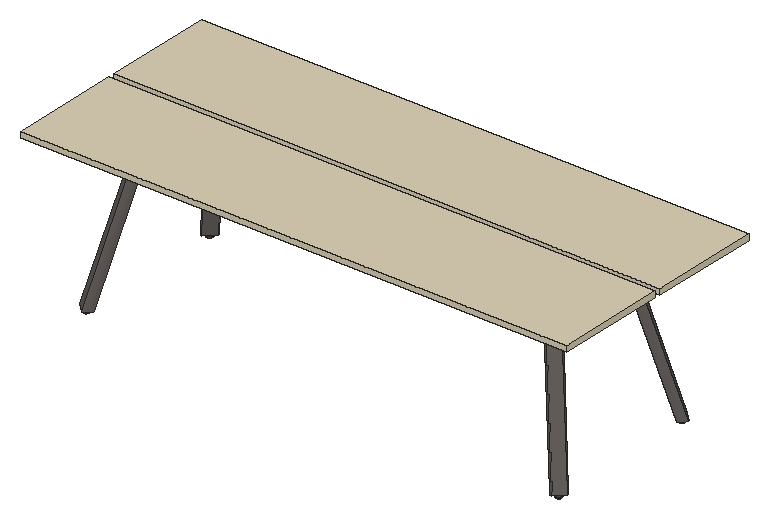
Revit family "Table-Teknion-NFTT_Wood_Table_Rectangular-R2020", category Furniture, Revit 2020
Family settings
  OmniClass Number = 23.40.20.00
  OmniClass Title = General Furniture and Specialties
  Work Plane-Based = No
  Always vertical = Yes
  Cut with Voids When Loaded = No
  Shared = Yes
  Room Calculation Point = No
Parameters (values of type "Split Two Piece Top")
  Worksurface Finish = Veneer - Teknion - MP - Natural Maple
  Width [instance] = 96.000"
  Warranty = "http://www.teknion.com/ca/papers/legal-canada"
  Unit Weight URL = "http://www.teknion.com/ca/tools/assets#&asset=bee6a381-b954-425e-8283-5a2de3a804f2,f828d448-4b62-4231-9e5f-9a8991c0ed77"
  URL = "www.teknion.com"
  Sustainability Data = "https://www.teknion.com/ca/tools/assets#&topic=216f99a5-57a0-44fc-b10a-9dee9b29ae4c&asset=444deb64-fe58-4b68-981e-f75e97781df7,b4ff2d81-9f2e-437d-9659-7cffb09c31cf"
  Support Distance [instance] = if(Width = 96.000", 18.409", if(Width = 84.000", 15.409", if(Width = 72.000", 7.500", 7.500")))  # 18.409"
  Standard Top = no
  Right Support [instance] = or([2 Support], [3 Support])  # yes
  Leg Wood Finish = Veneer - Teknion - WX - Empress Walnut
  Left Support [instance] = or([2 Support], [3 Support])  # yes
  Hardware Finish = Seamless Paint - Teknion - 25 - Crisp Grey
  Hardware Distance [instance] = if(Width = 96.000", 16.339", if(Width = 84.000", 17.454", if(Width = 72.000", 17.454", if(Width = 60.000", 17.225", 17.225"))))  # 16.339"
  Frame Finish = Veneer - Teknion - WX - Empress Walnut
  Foot Finish = Paint - Teknion - 52 - Ebony
  Electrical Finish = Paint-Teknion-23-Z-Foundation-Foundry Onyx
  Description = "Wood Table - Rectangular, Split Two Piece Top, 29\" Height, 40\" Depth"
  Center Support [instance] = or([1 Support], [3 Support])  # yes
  Bracket Finish = Seamless Paint - Teknion - 25 - Crisp Grey
  Available Width [instance] = "60, 72, 84 and 96 inches"  # constant formula
  3 Support [instance] = and(Split Two Piece Top, Width > 80.000")  # yes
  2 Support [instance] = and(Split Two Piece Top, Width = 72.000")  # no
  1 Support [instance] = and(Split Two Piece Top, Width = 60.000")  # no
  Split Two Piece Top = yes
  Series = "North 56"  # constant formula
  Product Page URL = "https://www.teknion.com/ca/products/product-details?productLineId=0ca9376f-8e7a-673b-a6c8-ff05004460c4"
  Product Line = "North 56"  # constant formula
  Product Documentation Link = ""
  Part Number = "NFTT"  # constant formula
  Model = "NFTTT2940_"
  Manufacturer Phone = "416-661-3370"  # constant formula
  Manufacturer Fax = "416.661.4586"  # constant formula
  Manufacturer Contact Information = "http://www.teknion.com/ca/contactus"
  Manufacturer Address = "1150 Flint Road, Toronto, ON. M3J 2J5. Canada"  # constant formula
  Manufacturer = "Teknion"  # constant formula
  Default Elevation = 0.000"
  Assembly Code = "E2020200"
Reference planes (in)
  plane 1 "Center Front/Back": y = 0
  plane 2: z = 0
  plane 3 "Center Left/Right": x = 0
  plane 4 "Left": x = -48
  plane 5 "Right": x = 48
  plane 6 "Back": y = 20
  plane 7 "Front": y = -20
  plane 8 "Top": z = 29
  plane 9: z = 28
  plane 10: z = 0.66929
  plane 11: x = -18.909
  plane 12: x = -17.909
  plane 13: x = -18.409
  plane 14: x = -0.5
  plane 15: x = 0.5
  plane 16: x = 17.909
  plane 17: x = 18.909
  plane 18: x = 18.409
  plane 19: y = -0.5
  plane 20: y = 0.5
  plane 21: y = 13.5
Forms (in)
  Sweep 1, solid, material "Veneer - Teknion - MP - Natural Maple" <- "Worksurface Finish", visible <- "Split Two Piece Top"
    path origin (0, 0, 0) x (1, 0, 0) y (0, 0, 1)
      loop
        line (0, 29) -> (0, 28)
    profile origin (0, 0, 28.5) x (0, -1, 0) y (1, 0, 0)
      loop
        line (0.5, -48) -> (20, -48) -> (20, 48) -> (0.5, 48) -> (0.5, -48)
      loop
        line (-20, -48) -> (-0.5, -48) -> (-0.5, 48) -> (-20, 48) -> (-20, -48)
  Sweep 2, solid, material "Veneer - Teknion - WX - Empress Walnut" <- "Frame Finish"
    path origin (-62.44462, -180, 28) x (-1, 0, 0) y (0, -1, 0)
      loop
        line (-96.92369, -187.25309) -> (-27.96556, -187.25309) -> (-27.19154, -186.47907) -> (-27.19154, -173.52094) -> (-27.96556, -172.74691) -> (-96.92369, -172.74691) -> (-97.69771, -173.52093) -> (-97.69771, -186.47907) -> (-96.92369, -187.25309)
    profile origin (0, 7.25309, 28) x (0, -1, 0) y (0, 0, 1)
      loop
        line (0, 0) -> (-1.0231, 0) -> (-1.81282, -3.65301)
        arc (-1.81282, -3.65301) -> (-1.63797, -4.07514) -> (-1.21583, -4.25) r 0.59699
        line (-1.21583, -4.25) -> (-0.91878, -4.25) -> (0, 0)
  Sweep 3, solid, material "Seamless Paint - Teknion - 25 - Crisp Grey" <- "Bracket Finish", visible <- "Left Support"
    path origin (-62.44462, -180, 28) x (-1, 0, 0) y (0, -1, 0)
      loop
        line (-43.53562, -180) -> (-44.53562, -180)
    profile origin (-18.409, 0, 28) x (0, 1, 0) y (0, 0, 1)
      loop
        line (-7.25309, 0) -> (-7.84759, -2.75) -> (7.84759, -2.75) -> (7.25309, 0) -> (-7.25309, 0)
  Sweep 4, solid, material "Seamless Paint - Teknion - 25 - Crisp Grey" <- "Bracket Finish", visible <- "Center Support"
    path origin (-62.44462, -180, 28) x (-1, 0, 0) y (0, -1, 0)
      loop
        line (-61.94462, -180) -> (-62.94462, -180)
    profile origin (0, 0, 28) x (0, 1, 0) y (0, 0, 1)
      loop
        line (-7.84759, -2.75) -> (7.84759, -2.75) -> (7.25309, 0) -> (-7.25309, 0) -> (-7.84759, -2.75)
  Sweep 5, solid, material "Seamless Paint - Teknion - 25 - Crisp Grey" <- "Bracket Finish", visible <- "Right Support"
    path origin (-62.44462, -180, 28) x (-1, 0, 0) y (0, -1, 0)
      loop
        line (-80.35362, -180) -> (-81.35362, -180)
    profile origin (18.409, 0, 28) x (0, 1, 0) y (0, 0, 1)
      loop
        line (-7.84759, -2.75) -> (7.84759, -2.75) -> (7.25309, 0) -> (-7.25309, 0) -> (-7.84759, -2.75)
  Sweep 6, solid, material "Seamless Paint - Teknion - 25 - Crisp Grey" <- "Bracket Finish", visible <- "Split Two Piece Top"
    path origin (-62.44462, -180, 28) x (-1, 0, 0) y (0, -1, 0)
      loop
        line (-62.44462, -183.625) -> (-62.44462, -176.375)
    profile origin (0, 0, 28) x (1, 0, 0) y (0, 0, 1)
      loop
        line (35.25308, 0) -> (34.12808, 0) -> (34.12808, -0.12) -> (35.15626, -0.12) -> (35.70367, -2.65217) -> (35.82096, -2.62682) -> (35.25308, 0)
      loop
        line (-35.25308, 0) -> (-35.82096, -2.62682) -> (-35.70367, -2.65217) -> (-35.15626, -0.12) -> (-34.12808, -0.12) -> (-34.12808, 0) -> (-35.25308, 0)
  Sweep 7, void
    path origin (0, 0, 0) x (1, 0, 0) y (0, 0, 1)
      loop
        line (0, 27.5) -> (0, 28)
    profile origin (0, 0, 27.75) x (-1, 0, 0) y (0, -1, 0)
      loop
        line (35.25308, 0.5625) -> (34.12808, 0.5625) -> (34.12808, -0.5625) -> (35.25308, -0.5625) -> (35.25308, 0.5625)
      loop
        line (-34.12808, -0.5625) -> (-34.12808, 0.5625) -> (-35.25308, 0.5625) -> (-35.25308, -0.5625) -> (-34.12808, -0.5625)
  Sweep 8, solid, material "Veneer - Teknion - MP - Natural Maple" <- "Worksurface Finish", visible <- "Standard Top"
    path origin (0, 0, 0) x (1, 0, 0) y (0, 0, 1)
      loop
        line (0, 28) -> (0, 29)
    profile origin (0, 0, 28.5) x (-1, 0, 0) y (0, -1, 0)
      loop
        line (48, -20) -> (48, 20) -> (-48, 20) -> (-48, -20) -> (48, -20)
  Sweep 9, solid, material "Seamless Paint - Teknion - 25 - Crisp Grey" <- "Bracket Finish", visible <- "Standard Top"
    path origin (-62.44462, -180, 28) x (-1, 0, 0) y (0, -1, 0)
      loop
        line (-61.81962, -180) -> (-63.06962, -180)
    profile origin (0, 0, 28) x (0, 1, 0) y (0, 0, 1)
      loop
        line (7.25309, 0) -> (6.12809, 0) -> (6.12809, -0.12) -> (7.15626, -0.12) -> (7.70367, -2.65217) -> (7.82096, -2.62682) -> (7.25309, 0)
      loop
        line (-7.25309, 0) -> (-7.82096, -2.62682) -> (-7.70367, -2.65217) -> (-7.15626, -0.12) -> (-6.12809, -0.12) -> (-6.12809, 0) -> (-7.25309, 0)
  Sweep 10, solid, material "Seamless Paint - Teknion - 25 - Crisp Grey" <- "Hardware Finish", visible <- "Standard Top"
    path origin (-62.44462, -180, 28) x (-1, 0, 0) y (0, -1, 0)
      loop
        line (-62.44462, -184.25) -> (-62.44462, -183.25)
    profile origin (0, 3.75, 28) x (1, 0, 0) y (0, 0, 1)
      loop
        line (30.736, 0) -> (27.736, 0) -> (27.736, -1.35) -> (26.811, -1.35) -> (26.811, -1.425) -> (27.811, -1.425) -> (27.811, -0.075) -> (30.661, -0.075) -> (30.661, -1.425) -> (31.661, -1.425) -> (31.661, -1.35) -> (30.736, -1.35) -> (30.736, 0)
  Sweep 11, solid, material "Seamless Paint - Teknion - 25 - Crisp Grey" <- "Hardware Finish", visible <- "Standard Top"
    path origin (-62.44462, -180, 28) x (-1, 0, 0) y (0, -1, 0)
      loop
        line (-62.44462, -176.75) -> (-62.44462, -175.75)
    profile origin (0, -3.75, 28) x (1, 0, 0) y (0, 0, 1)
      loop
        line (30.661, -1.425) -> (31.661, -1.425) -> (31.661, -1.35) -> (30.736, -1.35) -> (30.736, 0) -> (27.736, 0) -> (27.736, -1.35) -> (26.811, -1.35) -> (26.811, -1.425) -> (27.811, -1.425) -> (27.811, -0.075) -> (30.661, -0.075) -> (30.661, -1.425)
  Sweep 12, solid, material "Paint-Teknion-23-Z-Foundation-Foundry Onyx" <- "Electrical Finish", visible <- "Standard Top"
    path origin (0, 0, 0) x (1, 0, 0) y (0, 0, 1)
      loop
        line (0, 28) -> (0, 27.33858)
    profile origin (0, 0, 27.66929) x (0, -1, 0) y (1, 0, 0)
      loop
        arc (16.8382, 43.88956) -> (16.49026, 43.74544) -> (16.34613, 43.3975) r 0.49206
        line (16.34613, 43.3975) -> (16.34613, 40.60209)
        arc (16.34613, 40.60209) -> (16.49025, 40.25416) -> (16.83819, 40.11004) r 0.49206
        line (16.83819, 40.11004) -> (19.2399, 40.11004)
        arc (19.2399, 40.11004) -> (19.58784, 40.25416) -> (19.73196, 40.6021) r 0.49206
        line (19.73196, 40.6021) -> (19.73196, 43.39754)
        arc (19.73196, 43.39754) -> (19.58785, 43.74545) -> (19.23994, 43.88956) r 0.49202
        line (19.23994, 43.88956) -> (16.8382, 43.88956)
      loop
        line (-19.23991, -43.88956) -> (-16.8382, -43.88956)
        arc (-16.8382, -43.88956) -> (-16.49026, -43.74544) -> (-16.34613, -43.3975) r 0.49206
        line (-16.34613, -43.3975) -> (-16.34613, -40.60209)
        arc (-16.34613, -40.60209) -> (-16.49025, -40.25416) -> (-16.83818, -40.11004) r 0.49205
        line (-16.83818, -40.11004) -> (-19.23994, -40.11004)
        arc (-19.23994, -40.11004) -> (-19.58785, -40.25415) -> (-19.73196, -40.60206) r 0.49202
        line (-19.73196, -40.60206) -> (-19.73196, -43.39751)
        arc (-19.73196, -43.39751) -> (-19.58784, -43.74544) -> (-19.23991, -43.88956) r 0.49205
  Sweep 13, solid, material "Paint - Teknion - Mica - Anthracite", visible <- "Standard Top"
    path origin (0, 0, 0) x (1, 0, 0) y (0, 0, 1)
      loop
        line (0, 26.47) -> (0, 28)
    profile origin (0, 0, 27.235) x (-1, 0, 0) y (0, -1, 0)
      loop
        arc (7.95984, 3.4) -> (7.81842, 3.34142) -> (7.75984, 3.2) r 0.2
        line (7.75984, 3.2) -> (7.75984, 2.1)
        arc (7.75984, 2.1) -> (7.81842, 1.95858) -> (7.95984, 1.9) r 0.2
        line (7.95984, 1.9) -> (8.55984, 1.9)
        arc (8.55984, 1.9) -> (8.70126, 1.84142) -> (8.75984, 1.7) r 0.2
        line (8.75984, 1.7) -> (8.75984, -1.7)
        arc (8.75984, -1.7) -> (8.70126, -1.84142) -> (8.55984, -1.9) r 0.2
        line (8.55984, -1.9) -> (7.95984, -1.9)
        arc (7.95984, -1.9) -> (7.81842, -1.95858) -> (7.75984, -2.1) r 0.2
        line (7.75984, -2.1) -> (7.75984, -3.2)
        arc (7.75984, -3.2) -> (7.81842, -3.34142) -> (7.95984, -3.4) r 0.2
        line (7.95984, -3.4) -> (8.75984, -3.4) -> (8.75984, -3.83225)
        arc (8.75984, -3.83225) -> (8.81842, -3.97367) -> (8.95984, -4.03225) r 0.2
        line (8.95984, -4.03225) -> (9.05984, -4.03225)
        arc (9.05984, -4.03225) -> (9.20126, -3.97367) -> (9.25984, -3.83225) r 0.2
        line (9.25984, -3.83225) -> (9.25984, -3.48225) -> (11.25984, -3.48225) -> (11.25984, -3.83225)
        arc (11.25984, -3.83225) -> (11.31842, -3.97367) -> (11.45984, -4.03225) r 0.2
        line (11.45984, -4.03225) -> (11.55984, -4.03225)
        arc (11.55984, -4.03225) -> (11.70126, -3.97367) -> (11.75984, -3.83225) r 0.2
        line (11.75984, -3.83225) -> (11.75984, -3.4) -> (12.55984, -3.4)
        arc (12.55984, -3.4) -> (12.70126, -3.34142) -> (12.75984, -3.2) r 0.2
        line (12.75984, -3.2) -> (12.75984, -2.1)
        arc (12.75984, -2.1) -> (12.70126, -1.95858) -> (12.55984, -1.9) r 0.2
        line (12.55984, -1.9) -> (11.95984, -1.9)
        arc (11.95984, -1.9) -> (11.81842, -1.84142) -> (11.75984, -1.7) r 0.2
        line (11.75984, -1.7) -> (11.75984, 1.7)
        arc (11.75984, 1.7) -> (11.81842, 1.84142) -> (11.95984, 1.9) r 0.2
        line (11.95984, 1.9) -> (12.55984, 1.9)
        arc (12.55984, 1.9) -> (12.70126, 1.95858) -> (12.75984, 2.1) r 0.2
        line (12.75984, 2.1) -> (12.75984, 3.2)
        arc (12.75984, 3.2) -> (12.70126, 3.34142) -> (12.55984, 3.4) r 0.2
        line (12.55984, 3.4) -> (11.75984, 3.4) -> (11.75984, 3.83225)
        arc (11.75984, 3.83225) -> (11.70126, 3.97367) -> (11.55984, 4.03225) r 0.2
        line (11.55984, 4.03225) -> (11.45984, 4.03225)
        arc (11.45984, 4.03225) -> (11.31842, 3.97367) -> (11.25984, 3.83225) r 0.2
        line (11.25984, 3.83225) -> (11.25984, 3.48225) -> (9.25984, 3.48225) -> (9.25984, 3.83225)
        arc (9.25984, 3.83225) -> (9.20126, 3.97367) -> (9.05984, 4.03225) r 0.2
        line (9.05984, 4.03225) -> (8.95984, 4.03225)
        arc (8.95984, 4.03225) -> (8.81842, 3.97367) -> (8.75984, 3.83225) r 0.2
        line (8.75984, 3.83225) -> (8.75984, 3.4) -> (7.95984, 3.4)
  Sweep 14, void
    path origin (-62.44462, -180, 28) x (-1, 0, 0) y (0, -1, 0)
      loop
        line (-55.44462, -180) -> (-49.44462, -180)
    profile origin (-10, 0, 28) x (0, -1, 0) y (0, 0, 1)
      loop
        line (-2.56775, -1.48) -> (-2.56775, 0) -> (-3.43225, 0) -> (-3.43225, -1.48) -> (-2.56775, -1.48)
      loop
        line (-3.48225, -0.05) -> (-4.03225, -0.05) -> (-4.03225, -1.53) -> (-3.48225, -1.53) -> (-3.48225, -0.05)
      loop
        line (3.48225, -0.05) -> (3.48225, -1.53) -> (4.03225, -1.53) -> (4.03225, -0.05) -> (3.48225, -0.05)
  Sweep 15, void
    path origin (-62.44462, -180, 28) x (-1, 0, 0) y (0, -1, 0)
      loop
        line (-62.44462, -176.56775) -> (-62.44462, -182.56775)
    profile origin (0, -0.43225, 28) x (-1, 0, 0) y (0, 0, 1)
      loop
        line (9.00984, -1.48) -> (9.00984, 0) -> (7.75984, 0) -> (7.75984, -1.48) -> (9.00984, -1.48)
      loop
        line (11.50984, 0) -> (11.50984, -1.48) -> (12.75984, -1.48) -> (12.75984, 0) -> (11.50984, 0)
Cuts and joins
  Sweep 7 cuts Sweep 6
  Sweep 14, Sweep 15 cuts Sweep 13
Lines and regions (in)
  Masking region 1, visible <- "1 Support"
    outline origin (-62.44462, -180, 28) x (-1, 0, 0) y (0, -1, 0)
      loop
        line (-110.44462, -200) -> (-14.44462, -200) -> (-14.44462, -180.5) -> (-25.37872, -180.5) -> (-25.37872, -179.5) -> (-14.44462, -179.5) -> (-14.44462, -160) -> (-110.44462, -160) -> (-110.44462, -179.5) -> (-99.51053, -179.5) -> (-99.51053, -180.5) -> (-110.44462, -180.5) -> (-110.44462, -200)
      loop
        line (-27.20622, -180.5) -> (-27.20622, -179.5) -> (-61.94462, -179.5) -> (-61.94462, -180.5) -> (-27.20622, -180.5)
      loop
        line (-97.68303, -179.5) -> (-97.68303, -180.5) -> (-62.94462, -180.5) -> (-62.94462, -179.5) -> (-97.68303, -179.5)
  Masking region 2, visible <- "2 Support"
    outline origin (-62.44462, -180, 28) x (-1, 0, 0) y (0, -1, 0)
      loop
        line (-110.44462, -200) -> (-14.44462, -200) -> (-14.44462, -180.5) -> (-25.37872, -180.5) -> (-25.37872, -179.5) -> (-14.44462, -179.5) -> (-14.44462, -160) -> (-110.44462, -160) -> (-110.44462, -179.5) -> (-99.51053, -179.5) -> (-99.51053, -180.5) -> (-110.44462, -180.5) -> (-110.44462, -200)
      loop
        line (-27.20622, -180.5) -> (-27.20622, -179.5) -> (-43.53562, -179.5) -> (-43.53562, -180.5) -> (-27.20622, -180.5)
      loop
        line (-44.53562, -179.5) -> (-80.35362, -179.5) -> (-80.35362, -180.5) -> (-44.53562, -180.5) -> (-44.53562, -179.5)
      loop
        line (-81.35362, -179.5) -> (-97.68303, -179.5) -> (-97.68303, -180.5) -> (-81.35362, -180.5) -> (-81.35362, -179.5)
  Masking region 3, visible <- "3 Support"
    outline origin (-62.44462, -180, 28) x (-1, 0, 0) y (0, -1, 0)
      loop
        line (-110.44462, -200) -> (-14.44462, -200) -> (-14.44462, -180.5) -> (-25.37872, -180.5) -> (-25.37872, -179.5) -> (-14.44462, -179.5) -> (-14.44462, -160) -> (-110.44462, -160) -> (-110.44462, -179.5) -> (-99.51053, -179.5) -> (-99.51053, -180.5) -> (-110.44462, -180.5) -> (-110.44462, -200)
      loop
        line (-27.20622, -180.5) -> (-27.20622, -179.5) -> (-43.53562, -179.5) -> (-43.53562, -180.5) -> (-27.20622, -180.5)
      loop
        line (-44.53562, -179.5) -> (-61.94462, -179.5) -> (-61.94462, -180.5) -> (-44.53562, -180.5) -> (-44.53562, -179.5)
      loop
        line (-62.94462, -179.5) -> (-80.35362, -179.5) -> (-80.35362, -180.5) -> (-62.94462, -180.5) -> (-62.94462, -179.5)
      loop
        line (-81.35362, -179.5) -> (-97.68303, -179.5) -> (-97.68303, -180.5) -> (-81.35362, -180.5) -> (-81.35362, -179.5)
  Masking region 4, visible <- "Standard Top"
    outline origin (-62.44462, -180, 28) x (-1, 0, 0) y (0, -1, 0)
      loop
        line (-14.44462, -200) -> (-14.44462, -160) -> (-110.44462, -160) -> (-110.44462, -200) -> (-14.44462, -200)
  symbolic lines, visible <- "Split Two Piece Top"
    curve 1: line (-48, 0.5, 28) -> (48, 0.5, 28)
    curve 2: line (48, -0.5, 28) -> (-48, -0.5, 28)
    curve 3: line (-36.27618, 0.5, 28) -> (-36.27618, -0.5, 28)
    curve 4: line (-35.25308, 0.5, 28) -> (-35.25308, -0.5, 28)
    curve 5: line (36.27618, 0.5, 28) -> (36.27618, -0.5, 28)
    curve 6: line (35.25308, 0.5, 28) -> (35.25308, -0.5, 28)
  symbolic lines, style "FurnitureHiddenLines", detail levels medium+fine
    curve 7: arc (-36.97948, -7.38847, 28) -> (-36.50605, -6.67883, 28) -> (-35.79641, -6.20541, 28) r 2.17839
    curve 8: arc (-34.2054, -7.79642, 28) -> (-34.67882, -8.50606, 28) -> (-35.38847, -8.97948, 28) r 2.17838
    curve 9: line (-35.38847, -8.97948, 28) -> (-36.97947, -7.38848, 28)
    curve 10: line (-35.79641, -6.20541, 28) -> (-34.2054, -7.79642, 28)
    curve 11: line (-35.38848, -8.97947, 28) -> (-41.29695, -14.88794, 28)
    curve 12: line (-36.97947, -7.38848, 28) -> (-42.88794, -13.29695, 28)
    curve 13: line (-42.88794, -13.29695, 28) -> (-41.29695, -14.88794, 28)
    curve 14: arc (-41.29694, -14.88795, 28) -> (-40.58729, -14.41452, 28) -> (-40.11386, -13.70485, 28) r 2.17838
    curve 15: arc (-41.70485, -12.11386, 28) -> (-42.41452, -12.58728, 28) -> (-42.88795, -13.29694, 28) r 2.17839
    curve 16: line (-36.50605, -6.67883, 28) -> (-42.41453, -12.5873, 28)
    curve 17: line (-34.67882, -8.50606, 28) -> (-40.5873, -14.41453, 28)
    curve 18: line (-40.11388, -13.70487, 28) -> (-41.70488, -12.11388, 28)
    curve 19: line (-41.29694, 14.88794, 28) -> (-42.88795, 13.29692, 28)
    curve 20: arc (-40.11388, 13.70487, 28) -> (-40.5873, 14.41451, 28) -> (-41.29694, 14.88794, 28) r 2.17838
    curve 21: line (-41.70489, 12.11386, 28) -> (-40.11388, 13.70487, 28)
    curve 22: arc (-42.88795, 13.29692, 28) -> (-42.41453, 12.58728, 28) -> (-41.70489, 12.11386, 28) r 2.17839
    curve 23: line (-42.88794, 13.29693, 28) -> (-36.97947, 7.38847, 28)
    curve 24: line (-41.29695, 14.88793, 28) -> (-35.38848, 8.97946, 28)
    curve 25: line (-35.38848, 8.97946, 28) -> (-36.97947, 7.38847, 28)
    curve 26: arc (-36.97948, 7.38846, 28) -> (-36.50606, 6.67882, 28) -> (-35.79642, 6.2054, 28) r 2.17839
    curve 27: line (-35.79642, 6.2054, 28) -> (-34.20541, 7.79641, 28)
    curve 28: arc (-34.20541, 7.79641, 28) -> (-34.67883, 8.50605, 28) -> (-35.38847, 8.97947, 28) r 2.17838
    curve 29: line (-40.5873, 14.41451, 28) -> (-34.67883, 8.50605, 28)
    curve 30: line (-42.41453, 12.58728, 28) -> (-36.50606, 6.67882, 28)
    curve 31: arc (40.11388, 13.70487, 28) -> (40.5873, 14.41451, 28) -> (41.29694, 14.88794, 28) r 2.17838
    curve 32: line (41.29694, 14.88794, 28) -> (42.88795, 13.29692, 28)
    curve 33: arc (42.88795, 13.29692, 28) -> (42.41453, 12.58728, 28) -> (41.70489, 12.11386, 28) r 2.17839
    curve 34: line (41.70489, 12.11386, 28) -> (40.11388, 13.70487, 28)
    curve 35: line (36.97947, 7.38847, 28) -> (42.88794, 13.29693, 28)
    curve 36: line (35.38848, 8.97946, 28) -> (41.29695, 14.88793, 28)
    curve 37: line (36.97947, 7.38847, 28) -> (35.38848, 8.97946, 28)
    curve 38: arc (35.38847, 8.97947, 28) -> (34.67883, 8.50605, 28) -> (34.20541, 7.79641, 28) r 2.17838
    curve 39: line (34.20541, 7.79641, 28) -> (35.79642, 6.2054, 28)
    curve 40: arc (35.79642, 6.2054, 28) -> (36.50606, 6.67882, 28) -> (36.97948, 7.38846, 28) r 2.17839
    curve 41: line (42.41453, 12.58728, 28) -> (36.50606, 6.67882, 28)
    curve 42: line (34.67883, 8.50605, 28) -> (40.5873, 14.41451, 28)
    curve 43: arc (41.70489, -12.11387, 28) -> (42.41453, -12.5873, 28) -> (42.88795, -13.29694, 28) r 2.17839
    curve 44: line (42.88795, -13.29694, 28) -> (41.29694, -14.88795, 28)
    curve 45: arc (41.29694, -14.88795, 28) -> (40.5873, -14.41453, 28) -> (40.11388, -13.70488, 28) r 2.17838
    curve 46: line (40.11388, -13.70488, 28) -> (41.70489, -12.11387, 28)
    curve 47: arc (35.79642, -6.20541, 28) -> (36.50606, -6.67883, 28) -> (36.97948, -7.38847, 28) r 2.17839
    curve 48: arc (35.38847, -8.97948, 28) -> (34.67883, -8.50606, 28) -> (34.20541, -7.79642, 28) r 2.17838
    curve 49: line (36.97948, -7.38847, 28) -> (35.38848, -8.97947, 28)
    curve 50: line (34.20541, -7.79642, 28) -> (35.79642, -6.20541, 28)
    curve 51: line (42.88794, -13.29695, 28) -> (36.97947, -7.38848, 28)
    curve 52: line (41.29695, -14.88794, 28) -> (35.38848, -8.97947, 28)
    curve 53: line (34.67883, -8.50606, 28) -> (40.5873, -14.41453, 28)
    curve 54: line (36.50606, -6.67883, 28) -> (42.41453, -12.5873, 28)
    curve 55: line (34.20542, -7.79641, 28) -> (35.38848, -8.97947, 28)
    curve 56: line (36.97947, -7.38848, 28) -> (35.79641, -6.20542, 28)
    curve 57: line (35.38848, 8.97946, 28) -> (34.20542, 7.7964, 28)
    curve 58: line (35.79641, 6.20541, 28) -> (36.97947, 7.38847, 28)
    curve 59: line (-34.20542, 7.7964, 28) -> (-35.38848, 8.97946, 28)
    curve 60: line (-36.97947, 7.38847, 28) -> (-35.79641, 6.20541, 28)
    curve 61: line (-35.7964, -6.20542, 28) -> (-36.97947, -7.38848, 28)
    curve 62: line (-35.38848, -8.97947, 28) -> (-34.20541, -7.79641, 28)
    curve 63: line (35.22996, 9.06591, 28) -> (-35.22996, 9.06591, 28)
    curve 64: line (34.47907, 7.25309, 28) -> (-34.47907, 7.25309, 28)
    curve 65: line (-34.90285, 8.27619, 28) -> (34.90285, 8.27619, 28)
    curve 66: line (-34.85964, 8.17187, 28) -> (34.85964, 8.17187, 28)
    curve 67: line (-34.47907, 7.25309, 28) -> (-34.85964, 8.17187, 28)
    curve 68: line (-35.22996, 9.06591, 28) -> (-34.90285, 8.27619, 28)
    curve 69: line (34.90285, 8.27619, 28) -> (35.22996, 9.06591, 28)
    curve 70: line (34.85964, 8.17187, 28) -> (34.47907, 7.25309, 28)
    curve 71: line (34.85964, 8.17187, 28) -> (36.17187, 6.85964, 28)
    curve 72: line (34.47907, 7.25309, 28) -> (35.25308, 6.47907, 28)
    curve 73: line (35.25308, 6.47907, 28) -> (36.17187, 6.85964, 28)
    curve 74: line (36.27618, 6.90285, 28) -> (34.90285, 8.27619, 28)
    curve 75: line (37.06591, 7.22996, 28) -> (35.22996, 9.06591, 28)
    curve 76: line (37.06591, 7.22996, 28) -> (36.27618, 6.90285, 28)
    curve 77: line (35.25308, -6.47907, 28) -> (35.25308, 6.47907, 28)
    curve 78: line (36.17187, 6.85964, 28) -> (36.17187, -6.85964, 28)
    curve 79: line (36.27618, 6.90285, 28) -> (36.27618, -6.90285, 28)
    curve 80: line (37.06591, -7.22996, 28) -> (37.06591, 7.22996, 28)
    curve 81: line (36.17187, -6.85964, 28) -> (35.25308, -6.47907, 28)
    curve 82: line (36.27618, -6.90285, 28) -> (37.06591, -7.22996, 28)
    curve 83: line (35.22996, -9.06591, 28) -> (37.06591, -7.22996, 28)
    curve 84: line (36.27618, -6.90285, 28) -> (34.90285, -8.27619, 28)
    curve 85: line (36.17187, -6.85964, 28) -> (34.85964, -8.17187, 28)
    curve 86: line (34.47907, -7.25309, 28) -> (35.25308, -6.47907, 28)
    curve 87: line (34.47907, -7.25309, 28) -> (34.85964, -8.17187, 28)
    curve 88: line (35.22996, -9.06591, 28) -> (34.90285, -8.27619, 28)
    curve 89: line (-35.22996, -9.06591, 28) -> (35.22996, -9.06591, 28)
    curve 90: line (34.90285, -8.27619, 28) -> (-34.90285, -8.27619, 28)
    curve 91: line (34.85964, -8.17187, 28) -> (-34.85964, -8.17187, 28)
    curve 92: line (-34.47906, -7.25309, 28) -> (34.47907, -7.25309, 28)
    curve 93: line (-34.85964, -8.17187, 28) -> (-34.47906, -7.25309, 28)
    curve 94: line (-34.90285, -8.27619, 28) -> (-35.22996, -9.06591, 28)
    curve 95: line (-37.06591, -7.22996, 28) -> (-35.22996, -9.06591, 28)
    curve 96: line (-34.90285, -8.27619, 28) -> (-36.27618, -6.90285, 28)
    curve 97: line (-34.85964, -8.17187, 28) -> (-36.17187, -6.85964, 28)
    curve 98: line (-35.25308, -6.47906, 28) -> (-34.47906, -7.25309, 28)
    curve 99: line (-35.25308, -6.47906, 28) -> (-36.17187, -6.85964, 28)
    curve 100: line (-37.06591, -7.22996, 28) -> (-36.27618, -6.90285, 28)
    curve 101: line (-37.06591, 7.22996, 28) -> (-37.06591, -7.22996, 28)
    curve 102: line (-36.27618, -6.90285, 28) -> (-36.27618, 6.90285, 28)
    curve 103: line (-36.17187, -6.85964, 28) -> (-36.17187, 6.85964, 28)
    curve 104: line (-35.25308, 6.47907, 28) -> (-35.25308, -6.47906, 28)
    curve 105: line (-36.17187, 6.85964, 28) -> (-35.25308, 6.47907, 28)
    curve 106: line (-36.27618, 6.90285, 28) -> (-37.06591, 7.22996, 28)
    curve 107: line (-35.22996, 9.06591, 28) -> (-37.06591, 7.22996, 28)
    curve 108: line (-36.27618, 6.90285, 28) -> (-34.90285, 8.27619, 28)
    curve 109: line (-36.17187, 6.85964, 28) -> (-34.85964, 8.17187, 28)
    curve 110: line (-34.47907, 7.25309, 28) -> (-35.25308, 6.47907, 28)
  symbolic lines, style "FurnitureHiddenLines", visible <- "Left Support", detail levels medium+fine
    curve 111: line (-18.909, -7.84759, 28) -> (-18.909, 7.84759, 28)
    curve 112: line (-17.909, -7.84759, 28) -> (-17.909, 7.84759, 28)
    curve 113: line (-17.909, -7.84759, 28) -> (-18.909, -7.84759, 28)
    curve 114: line (-17.909, 7.84759, 28) -> (-18.909, 7.84759, 28)
  symbolic lines, style "FurnitureHiddenLines", visible <- "Center Support", detail levels medium+fine
    curve 115: line (-0.5, 7.84759, 28) -> (0.5, 7.84759, 28)
    curve 116: line (-0.5, -7.84759, 28) -> (-0.5, 7.84759, 28)
    curve 117: line (0.5, -7.84759, 28) -> (0.5, 7.84759, 28)
    curve 118: line (0.5, -7.84759, 28) -> (-0.5, -7.84759, 28)
  symbolic lines, style "FurnitureHiddenLines", visible <- "Right Support", detail levels medium+fine
    curve 119: line (18.909, -7.84759, 28) -> (17.909, -7.84759, 28)
    curve 120: line (17.909, -7.84759, 28) -> (17.909, 7.84759, 28)
    curve 121: line (18.909, -7.84759, 28) -> (18.909, 7.84759, 28)
    curve 122: line (17.909, 7.84759, 28) -> (18.909, 7.84759, 28)
  symbolic lines, style "FurnitureHiddenLines", visible <- "Split Two Piece Top", detail levels medium+fine
    curve 123: line (-35.82096, 3.625, 28) -> (-35.82096, -3.625, 28)
    curve 124: line (-35.70367, -3.625, 28) -> (-35.70367, 3.625, 28)
    curve 125: line (-35.82096, 3.625, 28) -> (-34.12808, 3.625, 28)
    curve 126: line (-34.12808, 0.5625, 28) -> (-34.12808, 3.625, 28)
    curve 127: line (-34.12808, 0.5625, 28) -> (-35.25308, 0.5625, 28)
    curve 128: line (-35.25308, -0.5625, 28) -> (-34.12808, -0.5625, 28)
    curve 129: line (-34.12808, -3.625, 28) -> (-34.12808, -0.5625, 28)
    curve 130: line (-34.12808, -3.625, 28) -> (-35.82096, -3.625, 28)
    curve 131: line (-35.15626, 0.5625, 28) -> (-35.15626, 3.625, 28)
    curve 132: line (-35.15626, -3.625, 28) -> (-35.15626, -0.5625, 28)
    curve 133: line (35.82096, 3.625, 28) -> (35.82096, -3.625, 28)
    curve 134: line (35.70367, -3.625, 28) -> (35.70367, 3.625, 28)
    curve 135: line (35.15626, 0.5625, 28) -> (35.15626, 3.625, 28)
    curve 136: line (35.15626, -3.625, 28) -> (35.15626, -0.5625, 28)
    curve 137: line (34.12808, -3.625, 28) -> (35.82096, -3.625, 28)
    curve 138: line (34.12808, -0.5625, 28) -> (34.12808, -3.625, 28)
    curve 139: line (34.12808, -0.5625, 28) -> (35.25308, -0.5625, 28)
    curve 140: line (34.12808, 3.625, 28) -> (35.82096, 3.625, 28)
    curve 141: line (34.12808, 3.625, 28) -> (34.12808, 0.5625, 28)
    curve 142: line (35.25308, 0.5625, 28) -> (34.12808, 0.5625, 28)
  symbolic lines, style "FurnitureHiddenLines", detail levels fine
    curve 143: arc (-42.09131, 13.5375, 28) -> (-41.53752, 14.09129, 28) -> (-40.98372, 13.5375, 28) r 0.5538
    curve 144: arc (-40.98372, 13.5375, 28) -> (-41.53752, 12.9837, 28) -> (-42.09131, 13.5375, 28) r 0.5538
    curve 145: arc (-42.04463, 13.5375, 28) -> (-41.53752, 14.04461, 28) -> (-41.0304, 13.5375, 28) r 0.50711
    curve 146: arc (-41.0304, 13.5375, 28) -> (-41.53752, 13.03038, 28) -> (-42.04463, 13.5375, 28) r 0.50711
    curve 147: arc (-41.95286, 13.5375, 28) -> (-41.53752, 13.95284, 28) -> (-41.12217, 13.5375, 28) r 0.41535
    curve 148: arc (-41.12217, 13.5375, 28) -> (-41.53752, 13.12215, 28) -> (-41.95286, 13.5375, 28) r 0.41535
    curve 149: arc (40.98372, 13.5375, 28) -> (41.53752, 14.09129, 28) -> (42.09131, 13.5375, 28) r 0.5538
    curve 150: arc (42.09131, 13.5375, 28) -> (41.53752, 12.9837, 28) -> (40.98372, 13.5375, 28) r 0.5538
    curve 151: arc (42.04463, 13.5375, 28) -> (41.53752, 13.03038, 28) -> (41.0304, 13.5375, 28) r 0.50711
    curve 152: arc (41.95286, 13.5375, 28) -> (41.53752, 13.12215, 28) -> (41.12217, 13.5375, 28) r 0.41535
    curve 153: arc (41.0304, 13.5375, 28) -> (41.53752, 14.04461, 28) -> (42.04463, 13.5375, 28) r 0.50711
    curve 154: arc (41.12217, 13.5375, 28) -> (41.53752, 13.95284, 28) -> (41.95286, 13.5375, 28) r 0.41535
    curve 155: arc (41.95286, -13.53751, 28) -> (41.53752, -13.95286, 28) -> (41.12217, -13.53751, 28) r 0.41535
    curve 156: arc (42.04463, -13.53751, 28) -> (41.53752, -14.04462, 28) -> (41.0304, -13.53751, 28) r 0.50711
    curve 157: arc (42.09131, -13.53751, 28) -> (41.53752, -14.09131, 28) -> (40.98372, -13.53751, 28) r 0.5538
    curve 158: arc (40.98372, -13.53751, 28) -> (41.53752, -12.98371, 28) -> (42.09131, -13.53751, 28) r 0.5538
    curve 159: arc (41.0304, -13.53751, 28) -> (41.53752, -13.0304, 28) -> (42.04463, -13.53751, 28) r 0.50711
    curve 160: arc (41.12217, -13.53751, 28) -> (41.53752, -13.12216, 28) -> (41.95286, -13.53751, 28) r 0.41535
    curve 161: arc (-42.09131, -13.53751, 28) -> (-41.53751, -12.98371, 28) -> (-40.98371, -13.53751, 28) r 0.5538
    curve 162: arc (-40.98371, -13.53751, 28) -> (-41.53751, -14.09131, 28) -> (-42.09131, -13.53751, 28) r 0.5538
    curve 163: arc (-42.04462, -13.53751, 28) -> (-41.53751, -13.0304, 28) -> (-41.0304, -13.53751, 28) r 0.50711
    curve 164: arc (-41.0304, -13.53751, 28) -> (-41.53751, -14.04462, 28) -> (-42.04462, -13.53751, 28) r 0.50711
    curve 165: arc (-41.12216, -13.53751, 28) -> (-41.53751, -13.95286, 28) -> (-41.95286, -13.53751, 28) r 0.41535
    curve 166: arc (-41.95286, -13.53751, 28) -> (-41.53751, -13.12216, 28) -> (-41.12216, -13.53751, 28) r 0.41535
  symbolic lines, style "FurnitureHiddenLines", visible <- "Standard Top", detail levels medium+fine
    curve 167: line (-40.60206, 19.73196, 28) -> (-43.39751, 19.73196, 28)
    curve 168: arc (-43.39751, 19.73196, 28) -> (-43.74544, 19.58784, 28) -> (-43.88956, 19.23991, 28) r 0.49205
    curve 169: line (-43.88956, 19.23991, 28) -> (-43.88956, 16.8382, 28)
    curve 170: arc (-43.88956, 16.8382, 28) -> (-43.74544, 16.49026, 28) -> (-43.3975, 16.34613, 28) r 0.49206
    curve 171: line (-43.3975, 16.34613, 28) -> (-40.60209, 16.34613, 28)
    curve 172: arc (-40.60209, 16.34613, 28) -> (-40.25416, 16.49025, 28) -> (-40.11004, 16.83818, 28) r 0.49205
    curve 173: line (-40.11004, 16.83818, 28) -> (-40.11004, 19.23994, 28)
    curve 174: arc (-40.11004, 19.23994, 28) -> (-40.25415, 19.58785, 28) -> (-40.60206, 19.73196, 28) r 0.49202
    curve 175: line (43.88956, -19.23994, 28) -> (43.88956, -16.8382, 28)
    curve 176: arc (43.88956, -16.8382, 28) -> (43.74544, -16.49026, 28) -> (43.3975, -16.34613, 28) r 0.49206
    curve 177: line (43.3975, -16.34613, 28) -> (40.60209, -16.34613, 28)
    curve 178: arc (40.60209, -16.34613, 28) -> (40.25416, -16.49025, 28) -> (40.11004, -16.83819, 28) r 0.49206
    curve 179: line (40.11004, -16.83819, 28) -> (40.11004, -19.2399, 28)
    curve 180: arc (40.11004, -19.2399, 28) -> (40.25416, -19.58784, 28) -> (40.6021, -19.73196, 28) r 0.49206
    curve 181: line (40.6021, -19.73196, 28) -> (43.39754, -19.73196, 28)
    curve 182: arc (43.39754, -19.73196, 28) -> (43.74545, -19.58785, 28) -> (43.88956, -19.23994, 28) r 0.49202
    curve 183: line (-0.625, -7.82096, 28) -> (-0.625, -6.12809, 28)
    curve 184: line (0.625, -6.12809, 28) -> (-0.625, -6.12809, 28)
    curve 185: line (0.625, -7.82096, 28) -> (0.625, -6.12809, 28)
    curve 186: line (-0.625, -7.82096, 28) -> (0.625, -7.82096, 28)
    curve 187: line (0.625, -7.70367, 28) -> (-0.625, -7.70367, 28)
    curve 188: line (0.625, -7.15626, 28) -> (-0.625, -7.15626, 28)
    curve 189: line (0.625, 6.12809, 28) -> (0.625, 7.82096, 28)
    curve 190: line (-0.625, 6.12809, 28) -> (-0.625, 7.82096, 28)
    curve 191: line (-0.625, 6.12809, 28) -> (0.625, 6.12809, 28)
    curve 192: line (-0.625, 7.82096, 28) -> (0.625, 7.82096, 28)
    curve 193: line (0.625, 7.70367, 28) -> (-0.625, 7.70367, 28)
    curve 194: line (0.625, 7.15626, 28) -> (-0.625, 7.15626, 28)
    curve 195: line (26.811, 4.25, 28) -> (31.661, 4.25, 28)
    curve 196: line (26.811, 3.25, 28) -> (31.661, 3.25, 28)
    curve 197: line (31.661, 3.25, 28) -> (31.661, 4.25, 28)
    curve 198: line (26.811, 4.25, 28) -> (26.811, 3.25, 28)
    curve 199: line (27.736, 4.25, 28) -> (27.736, 3.25, 28)
    curve 200: line (27.811, 3.25, 28) -> (27.811, 4.25, 28)
    curve 201: line (30.736, 3.25, 28) -> (30.736, 4.25, 28)
    curve 202: line (30.661, 4.25, 28) -> (30.661, 3.25, 28)
    curve 203: line (31.661, -4.25, 28) -> (31.661, -3.25, 28)
    curve 204: line (30.736, -4.25, 28) -> (30.736, -3.25, 28)
    curve 205: line (30.661, -3.25, 28) -> (30.661, -4.25, 28)
    curve 206: line (27.736, -3.25, 28) -> (27.736, -4.25, 28)
    curve 207: line (27.811, -4.25, 28) -> (27.811, -3.25, 28)
    curve 208: line (26.811, -3.25, 28) -> (26.811, -4.25, 28)
    curve 209: line (26.811, -3.25, 28) -> (31.661, -3.25, 28)
    curve 210: line (26.811, -4.25, 28) -> (31.661, -4.25, 28)
    curve 211: line (-11.50984, 2.56775, 28) -> (-9.00984, 2.56775, 28)
    curve 212: line (-11.50984, -3.43225, 28) -> (-11.50984, 2.56775, 28)
    curve 213: line (-9.00984, 2.56775, 28) -> (-9.00984, -3.43225, 28)
    curve 214: line (-8.75984, -3.43225, 28) -> (-11.75984, -3.43225, 28)
    curve 215: line (-11.75984, -3.48225, 28) -> (-8.75984, -3.48225, 28)
    curve 216: line (-12.55984, -3.4, 28) -> (-11.75984, -3.4, 28)
    curve 217: line (-8.75984, -3.4, 28) -> (-7.95984, -3.4, 28)
    curve 218: line (-8.75984, -3.83225, 28) -> (-8.75984, -3.4, 28)
    curve 219: line (-11.75984, -3.4, 28) -> (-11.75984, -3.83225, 28)
    curve 220: line (-11.25984, -3.83225, 28) -> (-11.25984, -3.48225, 28)
    curve 221: line (-9.25984, -3.48225, 28) -> (-9.25984, -3.83225, 28)
    curve 222: line (-11.55984, -4.03225, 28) -> (-11.45984, -4.03225, 28)
    curve 223: arc (-11.25984, -3.83225, 28) -> (-11.31842, -3.97367, 28) -> (-11.45984, -4.03225, 28) r 0.2
    curve 224: arc (-11.55984, -4.03225, 28) -> (-11.70126, -3.97367, 28) -> (-11.75984, -3.83225, 28) r 0.2
    curve 225: line (-9.05984, -4.03225, 28) -> (-8.95984, -4.03225, 28)
    curve 226: arc (-8.75984, -3.83225, 28) -> (-8.81842, -3.97367, 28) -> (-8.95984, -4.03225, 28) r 0.2
    curve 227: arc (-9.05984, -4.03225, 28) -> (-9.20126, -3.97367, 28) -> (-9.25984, -3.83225, 28) r 0.2
    curve 228: line (-7.75984, -3.2, 28) -> (-7.75984, -2.1, 28)
    curve 229: line (-12.75984, -2.1, 28) -> (-12.75984, -3.2, 28)
    curve 230: line (-11.75984, 1.7, 28) -> (-11.75984, -1.7, 28)
    curve 231: line (-8.75984, -1.7, 28) -> (-8.75984, 1.7, 28)
    curve 232: line (-7.95984, -1.9, 28) -> (-8.55984, -1.9, 28)
    curve 233: line (-11.95984, -1.9, 28) -> (-12.55984, -1.9, 28)
    curve 234: arc (-12.55984, -3.4, 28) -> (-12.70126, -3.34142, 28) -> (-12.75984, -3.2, 28) r 0.2
    curve 235: arc (-12.75984, -2.1, 28) -> (-12.70126, -1.95858, 28) -> (-12.55984, -1.9, 28) r 0.2
    curve 236: arc (-7.95984, -1.9, 28) -> (-7.81842, -1.95858, 28) -> (-7.75984, -2.1, 28) r 0.2
    curve 237: arc (-7.75984, -3.2, 28) -> (-7.81842, -3.34142, 28) -> (-7.95984, -3.4, 28) r 0.2
    curve 238: arc (-8.75984, -1.7, 28) -> (-8.70126, -1.84142, 28) -> (-8.55984, -1.9, 28) r 0.2
    curve 239: arc (-11.95984, -1.9, 28) -> (-11.81842, -1.84142, 28) -> (-11.75984, -1.7, 28) r 0.2
    curve 240: arc (-11.75984, 1.7, 28) -> (-11.81842, 1.84142, 28) -> (-11.95984, 1.9, 28) r 0.2
    curve 241: line (-12.55984, 1.9, 28) -> (-11.95984, 1.9, 28)
    curve 242: line (-12.75984, 3.2, 28) -> (-12.75984, 2.1, 28)
    curve 243: line (-11.75984, 3.4, 28) -> (-12.55984, 3.4, 28)
    curve 244: line (-8.75984, 3.43225, 28) -> (-11.75984, 3.43225, 28)
    curve 245: line (-8.75984, 3.48225, 28) -> (-11.75984, 3.48225, 28)
    curve 246: line (-7.95984, 3.4, 28) -> (-8.75984, 3.4, 28)
    curve 247: arc (-12.55984, 1.9, 28) -> (-12.70126, 1.95858, 28) -> (-12.75984, 2.1, 28) r 0.2
    curve 248: arc (-12.75984, 3.2, 28) -> (-12.70126, 3.34142, 28) -> (-12.55984, 3.4, 28) r 0.2
    curve 249: line (-8.55984, 1.9, 28) -> (-7.95984, 1.9, 28)
    curve 250: arc (-8.55984, 1.9, 28) -> (-8.70126, 1.84142, 28) -> (-8.75984, 1.7, 28) r 0.2
    curve 251: line (-7.75984, 2.1, 28) -> (-7.75984, 3.2, 28)
    curve 252: arc (-7.75984, 2.1, 28) -> (-7.81842, 1.95858, 28) -> (-7.95984, 1.9, 28) r 0.2
    curve 253: arc (-7.95984, 3.4, 28) -> (-7.81842, 3.34142, 28) -> (-7.75984, 3.2, 28) r 0.2
    curve 254: line (-8.75984, 3.4, 28) -> (-8.75984, 3.83225, 28)
    curve 255: line (-11.75984, 3.83225, 28) -> (-11.75984, 3.4, 28)
    curve 256: line (-11.25984, 3.48225, 28) -> (-11.25984, 3.83225, 28)
    curve 257: line (-9.25984, 3.83225, 28) -> (-9.25984, 3.48225, 28)
    curve 258: line (-11.45984, 4.03225, 28) -> (-11.55984, 4.03225, 28)
    curve 259: line (-8.95984, 4.03225, 28) -> (-9.05984, 4.03225, 28)
    curve 260: arc (-8.95984, 4.03225, 28) -> (-8.81842, 3.97367, 28) -> (-8.75984, 3.83225, 28) r 0.2
    curve 261: arc (-9.25984, 3.83225, 28) -> (-9.20126, 3.97367, 28) -> (-9.05984, 4.03225, 28) r 0.2
    curve 262: arc (-11.45984, 4.03225, 28) -> (-11.31842, 3.97367, 28) -> (-11.25984, 3.83225, 28) r 0.2
    curve 263: arc (-11.75984, 3.83225, 28) -> (-11.70126, 3.97367, 28) -> (-11.55984, 4.03225, 28) r 0.2
  reference lines
    curve 264: line (-48, 20, 28) -> (48, 20, 28)
    curve 265: line (48, 20, 28) -> (48, -20, 28)
    curve 266: line (48, -20, 28) -> (-48, -20, 28)
    curve 267: line (-48, -20, 28) -> (-48, 20, 28)
Dimensions and locks (in)
  "Width": plane 4 "Left" to plane 5 "Right"
  locked: plane 6 "Back" to plane 7 "Front" at 40
  locked: plane 8 "Top" to level at 29
  equal spacing: plane 6 "Back", plane 1 "Center Front/Back", plane 7 "Front"
  equal spacing: plane 4 "Left", plane 3 "Center Left/Right", plane 5 "Right"
  locked: plane 8 "Top" to plane 9 at 1
  locked: plane 10 to plane 2 at 0.66929
  equal spacing: plane 12, plane 13, plane 11
  equal spacing: plane 17, plane 18, plane 16
  locked: plane 6 "Back" to plane 20 at 19.5
  locked: plane 19 to plane 7 "Front" at 19.5
  locked: plane 4 "Left" to Sweep 2 sketch curve at 12.74692
  locked: Sweep 2 sketch curve to plane 5 "Right" at 12.74692
  locked: plane 6 "Back" to Sweep 2 sketch curve at 12.74691
  locked: plane 7 "Front" to Sweep 2 sketch curve at 12.74691
  locked: plane 7 "Front" to nested 1 at 5.11206
  locked: nested 2 to plane 5 "Right" at 5.11205
  locked: nested 3 to plane 5 "Right" at 5.11205
  locked: plane 7 "Front" to nested 3 at 5.11206
  locked: plane 6 "Back" to nested 2 at 5.11207
  locked: plane 4 "Left" to nested 1 at 5.11206
  locked: plane 4 "Left" to nested 4 at 5.11205
  locked: plane 6 "Back" to nested 4 at 5.11207
  locked: plane 12 to plane 11 at 1
  locked: plane 17 to plane 16 at 1
  locked: plane 15 to plane 14 at 1
  equal spacing: plane 15, plane 3 "Center Left/Right", plane 14
  locked: plane 9 to Sweep 3 sketch curve at 2.75
  "Support Distance": plane 18 to plane 3 "Center Left/Right" to plane 13
  Sweep 6 sketch curve to Sweep 1 to Sweep 6 sketch curve = 4.125" locked, 3.125" locked
  plane 9 to Sweep 6 sketch curve to Sweep 6 sketch curve to Sweep 6 sketch curve = 0.120" locked, 2.50682" locked, 0.02536" locked  (x2)
  Sweep 6 sketch curve to Sweep 6 sketch curve to Sweep 6 sketch curve to Sweep 6 sketch curve to Sweep 6 sketch curve to plane 5 "Right" = 1.02817" locked, 0.09683" locked, 0.45059" locked, 0.11729" locked, 12.17904" locked
  Sweep 6 sketch curve to Sweep 6 sketch curve to Sweep 6 sketch curve to Sweep 6 sketch curve to Sweep 6 sketch curve to plane 4 "Left" = 1.02817" locked, 0.09683" locked, 0.45059" locked, 0.11729" locked, 12.17904" locked
  locked: plane 9 to Sweep 7 sketch curve at 0.5
  Sweep 7 sketch curve to plane 1 "Center Front/Back" to Sweep 7 sketch curve = 0.5625" locked, 0.5625" locked  (x2)
  plane 6 "Back" to Sweep 2 sketch curve to Sweep 2 sketch curve to Sweep 2 sketch curve to Sweep 2 sketch curve to Sweep 2 sketch curve = 10.93409" locked, 0.59699" locked, 0.19273" locked, 0.10432" locked, 0.91878" locked
  plane 9 to Sweep 2 sketch curve to Sweep 2 sketch curve = 3.65301" locked, 0.59699" locked
  Sweep 9 sketch curve to plane 3 "Center Left/Right" to Sweep 9 sketch curve = 0.625" locked, 0.625" locked
  plane 9 to Sweep 9 sketch curve to Sweep 9 sketch curve to Sweep 9 sketch curve = 0.120" locked, 2.50682" locked, 0.02536" locked  (x2)
  Sweep 9 sketch curve to Sweep 9 sketch curve to Sweep 9 sketch curve to Sweep 9 sketch curve to Sweep 9 sketch curve to plane 1 "Center Front/Back" = 0.11729" locked, 0.45059" locked, 0.09683" locked, 1.02817" locked, 6.12809" locked
  plane 1 "Center Front/Back" to Sweep 9 sketch curve to Sweep 9 sketch curve to Sweep 9 sketch curve to Sweep 9 sketch curve to Sweep 9 sketch curve = 6.12809" locked, 1.02817" locked, 0.09683" locked, 0.45059" locked, 0.11729" locked
  plane 1 "Center Front/Back" to Sweep 10 sketch curve to Sweep 10 sketch curve = 3.250" locked, 1.000" locked
  Sweep 10 sketch curve to Sweep 10 sketch curve to Sweep 10 sketch curve to Sweep 10 sketch curve to Sweep 10 sketch curve to Sweep 10 sketch curve = 0.925" locked, 0.075" locked, 2.850" locked, 0.075" locked, 0.925" locked
  plane 9 to Sweep 10 sketch curve to Sweep 10 sketch curve to Sweep 10 sketch curve = 0.075" locked, 1.275" locked, 0.075" locked
  "Hardware Distance": plane 5 "Right" to Sweep 10 sketch curve
  Sweep 11 sketch curve to Sweep 11 sketch curve to plane 1 "Center Front/Back" = 1.000" locked, 3.250" locked
  locked: plane 9 to Sweep 12 sketch curve at 0.66142
  plane 4 "Left" to Sweep 12 sketch curve to Sweep 12 sketch curve = 4.11044" locked, 3.77953" locked
  plane 6 "Back" to Sweep 12 sketch curve to Sweep 12 sketch curve = 0.26804" locked, 3.38583" locked
  Sweep 12 sketch curve to Sweep 12 sketch curve to plane 5 "Right" = 3.77953" locked, 4.11044" locked
  plane 7 "Front" to Sweep 12 sketch curve to Sweep 12 sketch curve = 0.26804" locked, 3.38583" locked
  locked: plane 9 to Sweep 13 sketch curve at 1.53
  Sweep 13 sketch curve to Sweep 13 sketch curve to Sweep 13 sketch curve to Sweep 13 sketch curve to Sweep 13 sketch curve to Sweep 13 sketch curve to plane 3 "Center Left/Right" = 1.000" locked, 0.500" locked, 2.000" locked, 0.500" locked, 1.000" locked, 7.75984" locked
  Sweep 13 sketch curve to Sweep 13 sketch curve to Sweep 13 sketch curve to Sweep 13 sketch curve to plane 1 "Center Front/Back" to Sweep 13 sketch curve to Sweep 13 sketch curve to Sweep 13 sketch curve to Sweep 13 sketch curve = 0.550" locked, 0.08225" locked, 1.500" locked, 1.900" locked, 1.900" locked, 1.500" locked, 0.08225" locked, 0.550" locked
  Sweep 14 sketch curve to Sweep 14 sketch curve to plane 3 "Center Left/Right" = 6.000" locked, 7.000" locked
  Sweep 14 sketch curve to Sweep 14 sketch curve to plane 1 "Center Front/Back" to Sweep 14 sketch curve to Sweep 14 sketch curve to Sweep 14 sketch curve to Sweep 14 sketch curve = 0.550" locked, 3.48225" locked, 2.56775" locked, 0.8645" locked, 0.050" locked, 0.550" locked
  locked: Sweep 14 sketch curve to Sweep 14 sketch curve at 0.05
  locked: plane 9 to Sweep 14 sketch curve at 0.05
  locked: Sweep 15 sketch curve to plane 1 "Center Front/Back" at 3.43225
  locked: Sweep 15 sketch curve to Sweep 15 sketch curve at 1.25  (x2)
  aligned and locked: level to plane 2
  aligned and locked: plane 9 to Sweep 1 sketch curve
  aligned and locked: plane 8 "Top" to Sweep 1 sketch curve
  aligned and locked: Sweep 1 sketch curve to plane 3 "Center Left/Right"
  aligned and locked: plane 4 "Left" to Sweep 1 sketch curve  (x2)
  aligned and locked: plane 19 to Sweep 1 sketch curve
  aligned and locked: Sweep 1 sketch curve to plane 7 "Front"
  aligned and locked: Sweep 1 sketch curve to plane 5 "Right"  (x2)
  aligned and locked: Sweep 1 sketch curve to plane 6 "Back"
  aligned and locked: plane 20 to Sweep 1 sketch curve
  aligned and locked: profile plane to Sweep 2 sketch curve
  aligned and locked: plane 1 "Center Front/Back" to Sweep 3 sketch curve
  aligned and locked: plane 11 to Sweep 3 sketch curve
  aligned and locked: plane 12 to Sweep 3 sketch curve
  aligned and locked: Sweep 1 to Sweep 3 sketch curve
  aligned and locked: Sweep 2 to Sweep 3 sketch curve
  aligned and locked: Sweep 3 sketch curve to Sweep 2
  aligned and locked: plane 14 to Sweep 4 sketch curve
  aligned and locked: plane 15 to Sweep 4 sketch curve
  aligned and locked: plane 1 "Center Front/Back" to Sweep 4 sketch curve
  aligned and locked: Sweep 4 sketch curve to Sweep 3  (x4)
  aligned and locked: plane 1 "Center Front/Back" to Sweep 5 sketch curve
  aligned and locked: plane 16 to Sweep 5 sketch curve
  aligned and locked: plane 17 to Sweep 5 sketch curve
  aligned and locked: Sweep 5 sketch curve to Sweep 3  (x4)
  aligned and locked: Sweep 6 sketch curve to plane 3 "Center Left/Right"
  aligned and locked: Sweep 6 sketch curve to Sweep 2  (x2)
  aligned and locked: Sweep 6 sketch curve to plane 9
  aligned and locked: plane 9 to Sweep 6 sketch curve
  aligned and locked: plane 9 to Sweep 7 sketch curve
  aligned and locked: plane 3 "Center Left/Right" to Sweep 7 sketch curve
  aligned and locked: Sweep 6 to Sweep 7 sketch curve  (x2)
  aligned and locked: Sweep 7 sketch curve to Sweep 6  (x2)
  aligned and locked: Masking region 1 sketch curve to Sweep 1  (x7)
  aligned and locked: Sweep 1 to Masking region 1 sketch curve  (x3)
  aligned and locked: Sweep 2 to Masking region 1 sketch curve  (x2)
  aligned and locked: cut or joined group of Sweep 6, Sweep 7 to Masking region 1 sketch curve  (x2)
  aligned and locked: Sweep 4 to Masking region 1 sketch curve  (x2)
  aligned and locked: Masking region 2 sketch curve to Sweep 1  (x8)
  aligned and locked: Sweep 1 to Masking region 2 sketch curve  (x4)
  aligned and locked: Sweep 2 to Masking region 2 sketch curve  (x2)
  aligned and locked: cut or joined group of Sweep 6, Sweep 7 to Masking region 2 sketch curve  (x2)
  aligned and locked: Sweep 3 to Masking region 2 sketch curve  (x2)
  aligned and locked: Sweep 5 to Masking region 2 sketch curve  (x2)
  aligned and locked: Masking region 3 sketch curve to Sweep 1  (x8)
  aligned and locked: Sweep 1 to Masking region 3 sketch curve  (x6)
  aligned and locked: Sweep 2 to Masking region 3 sketch curve  (x2)
  aligned and locked: cut or joined group of Sweep 6, Sweep 7 to Masking region 3 sketch curve  (x2)
  aligned and locked: Sweep 3 to Masking region 3 sketch curve  (x2)
  aligned and locked: Sweep 4 to Masking region 3 sketch curve  (x2)
  aligned and locked: Sweep 5 to Masking region 3 sketch curve  (x2)
  aligned and locked: curve 1 to Sweep 1
  aligned and locked: curve 2 to Sweep 1
  aligned and locked: curve 3 to Sweep 2
  aligned and locked: Sweep 2 to curve 4
  aligned and locked: curve 6 to Sweep 2
  aligned and locked: Sweep 2 to curve 5
  aligned and locked: curve 7 to nested 1
  aligned and locked: curve 8 to nested 1
  aligned and locked: curve 9 to nested 1
  aligned and locked: curve 10 to nested 1
  aligned and locked: curve 11 to nested 1
  aligned and locked: curve 12 to nested 1
  aligned and locked: curve 13 to nested 1
  aligned and locked: curve 14 to nested 1
  aligned and locked: curve 15 to nested 1
  aligned and locked: curve 18 to nested 1
  aligned and locked: curve 19 to nested 4
  aligned and locked: curve 20 to nested 4
  aligned and locked: curve 21 to nested 4
  aligned and locked: curve 22 to nested 4
  aligned and locked: curve 23 to nested 4
  aligned and locked: curve 24 to nested 4
  aligned and locked: curve 25 to nested 4
  aligned and locked: curve 26 to nested 4
  aligned and locked: curve 27 to nested 4
  aligned and locked: curve 28 to nested 4
  aligned and locked: curve 31 to nested 2
  aligned and locked: curve 32 to nested 2
  aligned and locked: curve 33 to nested 2
  aligned and locked: curve 34 to nested 2
  aligned and locked: curve 35 to nested 2
  aligned and locked: curve 36 to nested 2
  aligned and locked: curve 37 to nested 2
  aligned and locked: curve 38 to nested 2
  aligned and locked: curve 39 to nested 2
  aligned and locked: curve 40 to nested 2
  aligned and locked: curve 43 to nested 3
  aligned and locked: curve 44 to nested 3
  aligned and locked: curve 45 to nested 3
  aligned and locked: curve 46 to nested 3
  aligned and locked: curve 47 to nested 3
  aligned and locked: curve 48 to nested 3
  aligned and locked: curve 49 to nested 3
  aligned and locked: curve 50 to nested 3
  aligned and locked: curve 51 to nested 3
  aligned and locked: curve 52 to nested 3
  aligned and locked: curve 55 to nested 3
  aligned and locked: nested 3 to curve 56
  aligned and locked: curve 58 to nested 2
  aligned and locked: curve 59 to nested 4
  aligned and locked: nested 4 to curve 60
  aligned and locked: curve 61 to nested 1
  aligned and locked: curve 63 to Sweep 2
  aligned and locked: curve 64 to Sweep 2
  aligned and locked: curve 65 to Sweep 2
  aligned and locked: curve 66 to Sweep 2
  aligned and locked: curve 67 to Sweep 2
  aligned and locked: curve 68 to Sweep 2
  aligned and locked: curve 69 to Sweep 2
  aligned and locked: curve 70 to Sweep 2
  aligned and locked: curve 71 to Sweep 2
  aligned and locked: curve 72 to Sweep 2
  aligned and locked: curve 73 to Sweep 2
  aligned and locked: curve 74 to Sweep 2
  aligned and locked: curve 75 to Sweep 2
  aligned and locked: curve 76 to Sweep 2
  aligned and locked: curve 77 to Sweep 2
  aligned and locked: curve 78 to Sweep 2
  aligned and locked: curve 79 to Sweep 2
  aligned and locked: curve 80 to Sweep 2
  aligned and locked: curve 81 to Sweep 2
  aligned and locked: curve 82 to Sweep 2
  aligned and locked: curve 83 to Sweep 2
  aligned and locked: curve 84 to Sweep 2
  aligned and locked: curve 85 to Sweep 2
  aligned and locked: curve 86 to Sweep 2
  aligned and locked: curve 87 to Sweep 2
  aligned and locked: curve 88 to Sweep 2
  aligned and locked: curve 89 to Sweep 2
  aligned and locked: curve 90 to Sweep 2
  aligned and locked: curve 91 to Sweep 2
  aligned and locked: curve 92 to Sweep 2
  aligned and locked: curve 93 to Sweep 2
  aligned and locked: curve 94 to Sweep 2
  aligned and locked: curve 95 to Sweep 2
  aligned and locked: curve 96 to Sweep 2
  aligned and locked: curve 97 to Sweep 2
  aligned and locked: curve 98 to Sweep 2
  aligned and locked: curve 99 to Sweep 2
  aligned and locked: curve 100 to Sweep 2
  aligned and locked: curve 101 to Sweep 2
  aligned and locked: curve 102 to Sweep 2
  aligned and locked: curve 103 to Sweep 2
  aligned and locked: curve 104 to Sweep 2
  aligned and locked: curve 105 to Sweep 2
  aligned and locked: curve 106 to Sweep 2
  aligned and locked: curve 107 to Sweep 2
  aligned and locked: curve 108 to Sweep 2
  aligned and locked: curve 109 to Sweep 2
  aligned and locked: curve 110 to Sweep 2
  aligned and locked: curve 111 to Sweep 3
  aligned and locked: curve 112 to Sweep 3
  aligned and locked: curve 113 to Sweep 3
  aligned and locked: curve 114 to Sweep 3
  aligned and locked: curve 115 to Sweep 4
  aligned and locked: curve 116 to Sweep 4
  aligned and locked: curve 117 to Sweep 4
  aligned and locked: curve 118 to Sweep 4
  aligned and locked: curve 119 to Sweep 5
  aligned and locked: curve 120 to Sweep 5
  aligned and locked: curve 121 to Sweep 5
  aligned and locked: curve 122 to Sweep 5
  aligned and locked: curve 123 to cut or joined group of Sweep 6, Sweep 7
  aligned and locked: curve 124 to cut or joined group of Sweep 6, Sweep 7
  aligned and locked: curve 125 to cut or joined group of Sweep 6, Sweep 7
  aligned and locked: cut or joined group of Sweep 6, Sweep 7 to curve 126
  aligned and locked: curve 127 to cut or joined group of Sweep 6, Sweep 7
  aligned and locked: curve 128 to cut or joined group of Sweep 6, Sweep 7
  aligned and locked: curve 129 to cut or joined group of Sweep 6, Sweep 7
  aligned and locked: curve 130 to cut or joined group of Sweep 6, Sweep 7
  aligned and locked: curve 131 to cut or joined group of Sweep 6, Sweep 7
  aligned and locked: curve 132 to cut or joined group of Sweep 6, Sweep 7
  aligned and locked: curve 133 to cut or joined group of Sweep 6, Sweep 7
  aligned and locked: curve 134 to cut or joined group of Sweep 6, Sweep 7
  aligned and locked: curve 135 to cut or joined group of Sweep 6, Sweep 7
  aligned and locked: curve 136 to cut or joined group of Sweep 6, Sweep 7
  aligned and locked: cut or joined group of Sweep 6, Sweep 7 to curve 137
  aligned and locked: cut or joined group of Sweep 6, Sweep 7 to curve 138
  aligned and locked: curve 139 to cut or joined group of Sweep 6, Sweep 7
  aligned and locked: cut or joined group of Sweep 6, Sweep 7 to curve 140
  aligned and locked: curve 141 to cut or joined group of Sweep 6, Sweep 7
  aligned and locked: curve 142 to cut or joined group of Sweep 6, Sweep 7
  aligned and locked: curve 143 to nested 4
  aligned and locked: curve 144 to nested 4
  aligned and locked: curve 145 to nested 4
  aligned and locked: curve 146 to nested 4
  aligned and locked: curve 147 to nested 4
  aligned and locked: curve 148 to nested 4
  aligned and locked: curve 149 to nested 2
  aligned and locked: curve 150 to nested 2
  aligned and locked: curve 151 to nested 2
  aligned and locked: curve 152 to nested 2
  aligned and locked: curve 153 to nested 2
  aligned and locked: curve 154 to nested 2
  aligned and locked: curve 155 to nested 3
  aligned and locked: curve 156 to nested 3
  aligned and locked: curve 157 to nested 3
  aligned and locked: curve 158 to nested 3
  aligned and locked: curve 159 to nested 3
  aligned and locked: curve 160 to nested 3
  aligned and locked: curve 161 to nested 1
  aligned and locked: curve 162 to nested 1
  aligned and locked: curve 163 to nested 1
  aligned and locked: curve 164 to nested 1
  aligned and locked: curve 165 to nested 1
  aligned and locked: plane 8 "Top" to Sweep 8 sketch curve
  aligned and locked: plane 9 to Sweep 8 sketch curve
  aligned and locked: plane 3 "Center Left/Right" to Sweep 8 sketch curve
  aligned and locked: Sweep 8 sketch curve to plane 5 "Right"
